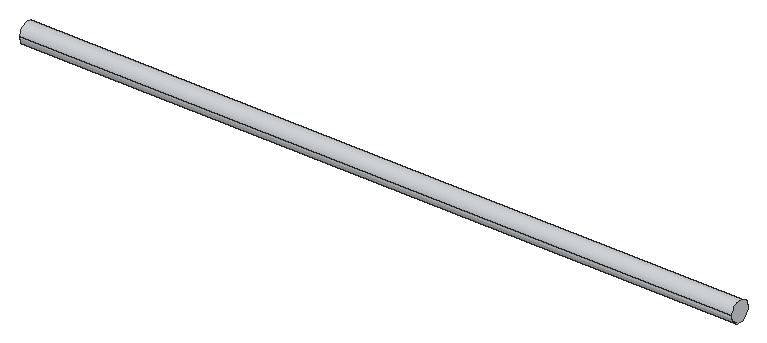
Revit family "G06 structure frames 2", category Structural Framing, Revit 2023
Family settings
  Section Shape = Not Defined
  Material for Model Behavior = Other
  Always export as geometry = No
  OmniClass Number = 23.25.30.11.14.14
  OmniClass Title = Beams
  Always vertical = Yes
  Cut with Voids When Loaded = No
  Symbolic Representation = From Family
  Shared = No
  Show family pre-cut in plan views = Yes
Parameters
  start r [instance] = 50 mm
  end r [instance] = 50 mm
  Length [instance] = 3600 mm
Reference planes
  plane 1 "Center (Front/Back)": y = 0
  plane 2 "Center Elevation": z = 0
  plane 3 "Center (Left/Right)": x = 0
  plane 4 "start": x = -1800
  plane 5 "end": x = 1800
Forms (mm)
  SweptBlend 1, solid
    path in 3D
      loop
        line (-1800, 0, 0) -> (1800, 0, 0)
    profile origin (-1800, 0, 0) x (0, 1, 0) y (0, 0, 1)
      loop
        circle (0, 0) r 50
    end profile origin (1800, 0, 0) x (0, 1, 0) y (0, 0, 1)
      loop
        circle (0, 0) r 50
Lines and regions (mm)
  reference lines
    curve 1: line (-1800, 0, 0) -> (1800, 0, 0)
  sketch lines
    curve 2: line (-1800, 0, 0) -> (1800, 0, 0)
Dimensions and locks
  "Length": plane 4 "start" to plane 5 "end"
  equal spacing: plane 4 "start", plane 3 "Center (Left/Right)", plane 5 "end"
  "start r": radius of SweptBlend 1 sketch curve
  "end r": radius of SweptBlend 1 sketch curve
  aligned and locked: level to plane 2 "Center Elevation"
Automatic sketch dimensions
  plane 1 "Center (Front/Back)" to curve 1 = 0 mm
  curve 1 to plane 4 "start" = 0 mm
  curve 1 to plane 5 "end" = 0 mm
  SweptBlend 1 sketch curve to profile plane = 0 mm  (x4)
